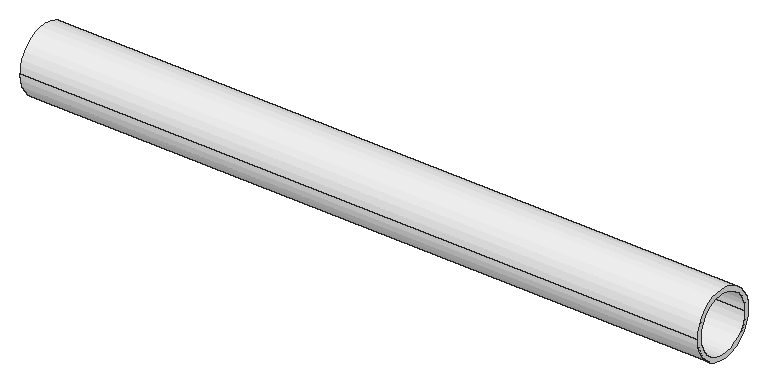
Revit family "CCV - Cortes circulares vazados (MSH)", category Quadro estrutural, Revit 2019
Family settings
  Arredondamento do comprimento do framing estrutural = 1 mm
  Forma do corte = Não definido
  Material para o comportamento do modelo = Aço
  Exportar sempre como geometria = Não
  Sempre na vertical = Sim
  Corte com vazios quando carregada = Não
  Representação simbólica = Das configurações de projeto
  Compartilhado = Não
  Exibir o pré-corte da família na vista da planta = Sim
Parameters (values of type "CHS 114.3x7.1")
  W = 0.0188
  Structural Material [instance] = Metal - Aço - 250 MPa
  R0 = d0 / 2  # 57.15 mm
  Assembly Code = ""
  Length [instance] = 1500 mm
  d0 = 114.3 mm
  t = 7.1 mm
  A = 0.002395 m²
Reference planes
  plane 1 "Centro (Frente/Trás)": y = 0
  plane 2: z = 0
  plane 3 "Centro (Esquerda/Direita)": x = 4.61
  plane 4 "Membro esquerdo": x = -604.99
  plane 5 "Membro direito": x = 614.21
  plane 6: y = 57.15
  plane 7: y = -57.15
  plane 8 "Superior": z = 57.15
  plane 9: z = -57.15
  plane 10 "Esquerda": x = -757.39
  plane 11 "Direita": x = 742.61
Forms (mm)
  Sweep 1, solid, material "Metal - Aço - 250 MPa" <- "Structural Material", detail levels medium+fine
    path origin (0, 0, 0) x (1, 0, 0) y (0, 1, 0)
      loop
        line (-604.99, 0) -> (614.21, 0)
    profile "CHS-Seções do Furação Circular-Perfil : CHS-Seções do Furação Circular-Perfil" origin (4.61, 0, 0) x (0, 1, 0) y (0, 0, 1)
      loop
        circle (0, 0) r 50.05
      loop
        circle (0, 0) r 57.15
Lines and regions (mm)
  symbolic lines, style "Símbolos de vara", detail levels coarse
    curve 1: arc (-757.39, -57.15, 0) -> (-757.39, 0, 57.15) -> (-757.39, 57.15, 0) r 57.15
    curve 2: arc (-757.39, 57.15, 0) -> (-757.39, 0, -57.15) -> (-757.39, -57.15, 0) r 57.15
Dimensions and locks
  "d0": plane 6 to plane 7
  "d0": plane 9 to plane 8 "Superior"
  equal spacing: plane 9, plane 2, plane 8 "Superior"
  equal spacing: plane 6, plane 1 "Centro (Frente/Trás)", plane 7
  "Length": plane 10 "Esquerda" to plane 11 "Direita"
  aligned and locked: plane 1 "Centro (Frente/Trás)" to Sweep 1 sketch curve
  aligned and locked: curve 2 to Sweep 1
  aligned and locked: plane 4 "Membro esquerdo" to Sweep 1 sketch curve
  aligned and locked: plane 5 "Membro direito" to Sweep 1 sketch curve
Types in the file's own list only (291): name | W | R0 | d0 | t | A
  CHS 21.3x2.3 | 0.00108 | 11 mm | 21 mm | 2 mm | 0.00 m²
  CHS 21.3x2.6 | 0.0012 | 11 mm | 21 mm | 3 mm | 0.00 m²
  CHS 21.3x2.9 | 0.00132 | 11 mm | 21 mm | 3 mm | 0.00 m²
  CHS 21.3x3.2 | 0.00143 | 11 mm | 21 mm | 3 mm | 0.00 m²
  CHS 21.3x3.6 | 0.00157 | 11 mm | 21 mm | 4 mm | 0.00 m²
  CHS 21.3x4.0 | 0.00171 | 11 mm | 21 mm | 4 mm | 0.00 m²
  CHS 21.3x4.5 | 0.00186 | 11 mm | 21 mm | 5 mm | 0.00 m²
  CHS 21.3x5.0 | 0.00201 | 11 mm | 21 mm | 5 mm | 0.00 m²
  CHS 33.7x2.9 | 0.0022 | 17 mm | 34 mm | 3 mm | 0.00 m²
  CHS 33.7x3.2 | 0.00241 | 17 mm | 34 mm | 3 mm | 0.00 m²
  CHS 33.7x3.6 | 0.00267 | 17 mm | 34 mm | 4 mm | 0.00 m²
  CHS 33.7x4.0 | 0.00293 | 17 mm | 34 mm | 4 mm | 0.00 m²
  CHS 33.7x4.5 | 0.00324 | 17 mm | 34 mm | 5 mm | 0.00 m²
  CHS 33.7x5.0 | 0.00354 | 17 mm | 34 mm | 5 mm | 0.00 m²
  CHS 33.7x5.6 | 0.00388 | 17 mm | 34 mm | 6 mm | 0.00 m²
  CHS 33.7x6.3 | 0.00426 | 17 mm | 34 mm | 6 mm | 0.00 m²
  CHS 33.7x7.1 | 0.00466 | 17 mm | 34 mm | 7 mm | 0.00 m²
  CHS 33.7x8.0 | 0.00507 | 17 mm | 34 mm | 8 mm | 0.00 m²
  CHS 42.4x2.9 | 0.00282 | 21 mm | 42 mm | 3 mm | 0.00 m²
  CHS 42.4x3.2 | 0.00309 | 21 mm | 42 mm | 3 mm | 0.00 m²
  CHS 42.4x3.6 | 0.00344 | 21 mm | 42 mm | 4 mm | 0.00 m²
  CHS 42.4x4.0 | 0.00379 | 21 mm | 42 mm | 4 mm | 0.00 m²
  CHS 42.4x4.5 | 0.00421 | 21 mm | 42 mm | 5 mm | 0.00 m²
  CHS 42.4x5.0 | 0.00461 | 21 mm | 42 mm | 5 mm | 0.00 m²
  CHS 42.4x5.6 | 0.00508 | 21 mm | 42 mm | 6 mm | 0.00 m²
  CHS 42.4x6.3 | 0.00561 | 21 mm | 42 mm | 6 mm | 0.00 m²
  CHS 42.4x7.1 | 0.00618 | 21 mm | 42 mm | 7 mm | 0.00 m²
  CHS 42.4x8.0 | 0.00679 | 21 mm | 42 mm | 8 mm | 0.00 m²
  CHS 42.4x8.8 | 0.00729 | 21 mm | 42 mm | 9 mm | 0.00 m²
  CHS 42.4x10.0 | 0.00799 | 21 mm | 42 mm | 10 mm | 0.00 m²
  CHS 48.3x2.9 | 0.00325 | 24 mm | 48 mm | 3 mm | 0.00 m²
  CHS 48.3x3.2 | 0.00356 | 24 mm | 48 mm | 3 mm | 0.00 m²
  CHS 48.3x3.6 | 0.00397 | 24 mm | 48 mm | 4 mm | 0.00 m²
  CHS 48.3x4.0 | 0.00437 | 24 mm | 48 mm | 4 mm | 0.00 m²
  CHS 48.3x4.5 | 0.00486 | 24 mm | 48 mm | 5 mm | 0.00 m²
  CHS 48.3x5.0 | 0.00534 | 24 mm | 48 mm | 5 mm | 0.00 m²
  CHS 48.3x5.6 | 0.0059 | 24 mm | 48 mm | 6 mm | 0.00 m²
  CHS 48.3x6.3 | 0.00653 | 24 mm | 48 mm | 6 mm | 0.00 m²
  CHS 48.3x7.1 | 0.00721 | 24 mm | 48 mm | 7 mm | 0.00 m²
  CHS 48.3x8.0 | 0.00795 | 24 mm | 48 mm | 8 mm | 0.00 m²
  CHS 48.3x8.8 | 0.00857 | 24 mm | 48 mm | 9 mm | 0.00 m²
  CHS 48.3x10.0 | 0.00945 | 24 mm | 48 mm | 10 mm | 0.00 m²
  CHS 48.3x12.5 | 0.011 | 24 mm | 48 mm | 13 mm | 0.00 m²
  CHS 60.3x3.2 | 0.00451 | 30 mm | 60 mm | 3 mm | 0.00 m²
  CHS 60.3x3.6 | 0.00503 | 30 mm | 60 mm | 4 mm | 0.00 m²
  CHS 60.3x4.0 | 0.00555 | 30 mm | 60 mm | 4 mm | 0.00 m²
  CHS 60.3x4.5 | 0.00619 | 30 mm | 60 mm | 5 mm | 0.00 m²
  CHS 60.3x5.0 | 0.00682 | 30 mm | 60 mm | 5 mm | 0.00 m²
  CHS 60.3x5.6 | 0.00755 | 30 mm | 60 mm | 6 mm | 0.00 m²
  CHS 60.3x6.3 | 0.00839 | 30 mm | 60 mm | 6 mm | 0.00 m²
  CHS 60.3x7.1 | 0.00932 | 30 mm | 60 mm | 7 mm | 0.00 m²
  CHS 60.3x8.0 | 0.0103 | 30 mm | 60 mm | 8 mm | 0.00 m²
  CHS 60.3x8.8 | 0.0112 | 30 mm | 60 mm | 9 mm | 0.00 m²
  CHS 60.3x10.0 | 0.0124 | 30 mm | 60 mm | 10 mm | 0.00 m²
  CHS 60.3x12.5 | 0.0147 | 30 mm | 60 mm | 13 mm | 0.00 m²
  CHS 60.3x16.0 | 0.0175 | 30 mm | 60 mm | 16 mm | 0.00 m²
  CHS 76.1x3.2 | 0.00575 | 38 mm | 76 mm | 3 mm | 0.00 m²
  CHS 76.1x3.6 | 0.00644 | 38 mm | 76 mm | 4 mm | 0.00 m²
  CHS 76.1x4.0 | 0.00711 | 38 mm | 76 mm | 4 mm | 0.00 m²
  CHS 76.1x4.5 | 0.00795 | 38 mm | 76 mm | 5 mm | 0.00 m²
  CHS 76.1x5.0 | 0.00877 | 38 mm | 76 mm | 5 mm | 0.00 m²
  CHS 76.1x5.6 | 0.00974 | 38 mm | 76 mm | 6 mm | 0.00 m²
  CHS 76.1x6.3 | 0.0108 | 38 mm | 76 mm | 6 mm | 0.00 m²
  CHS 76.1x7.1 | 0.0121 | 38 mm | 76 mm | 7 mm | 0.00 m²
  CHS 76.1x8.0 | 0.0134 | 38 mm | 76 mm | 8 mm | 0.00 m²
  CHS 76.1x8.8 | 0.0146 | 38 mm | 76 mm | 9 mm | 0.00 m²
  CHS 76.1x10.0 | 0.0163 | 38 mm | 76 mm | 10 mm | 0.00 m²
  CHS 76.1x12.5 | 0.0196 | 38 mm | 76 mm | 13 mm | 0.00 m²
  CHS 76.1x16.0 | 0.0237 | 38 mm | 76 mm | 16 mm | 0.00 m²
  CHS 76.1x20.0 | 0.0277 | 38 mm | 76 mm | 20 mm | 0.00 m²
  CHS 88.9x3.6 | 0.00751 | 44 mm | 89 mm | 4 mm | 0.00 m²
  CHS 88.9x4.0 | 0.00838 | 44 mm | 89 mm | 4 mm | 0.00 m²
  CHS 88.9x4.5 | 0.00937 | 44 mm | 89 mm | 5 mm | 0.00 m²
  CHS 88.9x5.0 | 0.0103 | 44 mm | 89 mm | 5 mm | 0.00 m²
  CHS 88.9x5.6 | 0.0115 | 44 mm | 89 mm | 6 mm | 0.00 m²
  CHS 88.9x6.3 | 0.0128 | 44 mm | 89 mm | 6 mm | 0.00 m²
  CHS 88.9x7.1 | 0.0143 | 44 mm | 89 mm | 7 mm | 0.00 m²
  CHS 88.9x8.0 | 0.016 | 44 mm | 89 mm | 8 mm | 0.00 m²
  CHS 88.9x8.8 | 0.0174 | 44 mm | 89 mm | 9 mm | 0.00 m²
  CHS 88.9x10.0 | 0.0195 | 44 mm | 89 mm | 10 mm | 0.00 m²
  CHS 88.9x12.5 | 0.0236 | 44 mm | 89 mm | 13 mm | 0.00 m²
  CHS 88.9x16.0 | 0.0288 | 44 mm | 89 mm | 16 mm | 0.00 m²
  CHS 88.9x20.0 | 0.034 | 44 mm | 89 mm | 20 mm | 0.00 m²
  CHS 101.6x4.0 | 0.00963 | 51 mm | 102 mm | 4 mm | 0.00 m²
  CHS 101.6x4.5 | 0.0108 | 51 mm | 102 mm | 5 mm | 0.00 m²
  CHS 101.6x5.0 | 0.0119 | 51 mm | 102 mm | 5 mm | 0.00 m²
  CHS 101.6x5.6 | 0.0133 | 51 mm | 102 mm | 6 mm | 0.00 m²
  CHS 101.6x6.3 | 0.0148 | 51 mm | 102 mm | 6 mm | 0.00 m²
  CHS 101.6x7.1 | 0.0165 | 51 mm | 102 mm | 7 mm | 0.00 m²
  CHS 101.6x8.0 | 0.0185 | 51 mm | 102 mm | 8 mm | 0.00 m²
  CHS 101.6x8.8 | 0.0201 | 51 mm | 102 mm | 9 mm | 0.00 m²
  CHS 101.6x10.0 | 0.0226 | 51 mm | 102 mm | 10 mm | 0.00 m²
  CHS 101.6x12.5 | 0.0275 | 51 mm | 102 mm | 13 mm | 0.00 m²
  CHS 101.6x16.0 | 0.0338 | 51 mm | 102 mm | 16 mm | 0.00 m²
  CHS 101.6x20.0 | 0.0402 | 51 mm | 102 mm | 20 mm | 0.01 m²
  CHS 101.6x30.0 | 0.053 | 51 mm | 102 mm | 30 mm | 0.01 m²
  CHS 114.3x4.0 | 0.0109 | 57 mm | 114 mm | 4 mm | 0.00 m²
  CHS 114.3x4.5 | 0.0122 | 57 mm | 114 mm | 5 mm | 0.00 m²
  CHS 114.3x5.0 | 0.0135 | 57 mm | 114 mm | 5 mm | 0.00 m²
  CHS 114.3x5.6 | 0.015 | 57 mm | 114 mm | 6 mm | 0.00 m²
  CHS 114.3x6.3 | 0.0168 | 57 mm | 114 mm | 6 mm | 0.00 m²
  CHS 114.3x8.0 | 0.021 | 57 mm | 114 mm | 8 mm | 0.00 m²
  CHS 114.3x8.8 | 0.0229 | 57 mm | 114 mm | 9 mm | 0.00 m²
  CHS 114.3x10.0 | 0.0257 | 57 mm | 114 mm | 10 mm | 0.00 m²
  CHS 114.3x12.5 | 0.0314 | 57 mm | 114 mm | 13 mm | 0.00 m²
  CHS 114.3x16.0 | 0.0388 | 57 mm | 114 mm | 16 mm | 0.00 m²
  CHS 114.3x20.0 | 0.0465 | 57 mm | 114 mm | 20 mm | 0.01 m²
  CHS 114.3x30.0 | 0.0624 | 57 mm | 114 mm | 30 mm | 0.01 m²
  CHS 139.7x4.5 | 0.015 | 70 mm | 140 mm | 5 mm | 0.00 m²
  CHS 139.7x5.0 | 0.0166 | 70 mm | 140 mm | 5 mm | 0.00 m²
  CHS 139.7x5.6 | 0.0185 | 70 mm | 140 mm | 6 mm | 0.00 m²
  CHS 139.7x6.3 | 0.0207 | 70 mm | 140 mm | 6 mm | 0.00 m²
  CHS 139.7x7.1 | 0.0232 | 70 mm | 140 mm | 7 mm | 0.00 m²
  CHS 139.7x8.0 | 0.026 | 70 mm | 140 mm | 8 mm | 0.00 m²
  CHS 139.7x8.8 | 0.0284 | 70 mm | 140 mm | 9 mm | 0.00 m²
  CHS 139.7x10.0 | 0.032 | 70 mm | 140 mm | 10 mm | 0.00 m²
  CHS 139.7x12.5 | 0.0392 | 70 mm | 140 mm | 13 mm | 0.00 m²
  CHS 139.7x16.0 | 0.0488 | 70 mm | 140 mm | 16 mm | 0.01 m²
  CHS 139.7x20.0 | 0.059 | 70 mm | 140 mm | 20 mm | 0.01 m²
  CHS 139.7x30.0 | 0.0812 | 70 mm | 140 mm | 30 mm | 0.01 m²
  CHS 139.7x40.0 | 0.0984 | 70 mm | 140 mm | 40 mm | 0.01 m²
  CHS 168.3x5.0 | 0.0201 | 84 mm | 168 mm | 5 mm | 0.00 m²
  CHS 168.3x5.6 | 0.0225 | 84 mm | 168 mm | 6 mm | 0.00 m²
  CHS 168.3x6.3 | 0.0252 | 84 mm | 168 mm | 6 mm | 0.00 m²
  CHS 168.3x7.1 | 0.0282 | 84 mm | 168 mm | 7 mm | 0.00 m²
  CHS 168.3x8.0 | 0.0316 | 84 mm | 168 mm | 8 mm | 0.00 m²
  CHS 168.3x8.8 | 0.0346 | 84 mm | 168 mm | 9 mm | 0.00 m²
  CHS 168.3x10.0 | 0.039 | 84 mm | 168 mm | 10 mm | 0.00 m²
  CHS 168.3x12.5 | 0.048 | 84 mm | 168 mm | 13 mm | 0.01 m²
  CHS 168.3x16.0 | 0.0601 | 84 mm | 168 mm | 16 mm | 0.01 m²
  CHS 168.3x20.0 | 0.0731 | 84 mm | 168 mm | 20 mm | 0.01 m²
  CHS 168.3x30.0 | 0.102 | 84 mm | 168 mm | 30 mm | 0.01 m²
  CHS 168.3x40.0 | 0.127 | 84 mm | 168 mm | 40 mm | 0.02 m²
  CHS 168.3x60.0 | 0.16 | 84 mm | 168 mm | 60 mm | 0.02 m²
  CHS 177.8x5.6 | 0.0238 | 89 mm | 178 mm | 6 mm | 0.00 m²
  CHS 177.8x6.3 | 0.0266 | 89 mm | 178 mm | 6 mm | 0.00 m²
  CHS 177.8x7.1 | 0.0299 | 89 mm | 178 mm | 7 mm | 0.00 m²
  CHS 177.8x8.0 | 0.0335 | 89 mm | 178 mm | 8 mm | 0.00 m²
  CHS 177.8x8.8 | 0.0367 | 89 mm | 178 mm | 9 mm | 0.00 m²
  CHS 177.8x10.0 | 0.0414 | 89 mm | 178 mm | 10 mm | 0.01 m²
  CHS 177.8x12.5 | 0.051 | 89 mm | 178 mm | 13 mm | 0.01 m²
  CHS 177.8x16.0 | 0.0638 | 89 mm | 178 mm | 16 mm | 0.01 m²
  CHS 177.8x20.0 | 0.0778 | 89 mm | 178 mm | 20 mm | 0.01 m²
  CHS 177.8x30.0 | 0.109 | 89 mm | 178 mm | 30 mm | 0.01 m²
  CHS 177.8x40.0 | 0.136 | 89 mm | 178 mm | 40 mm | 0.02 m²
  CHS 177.8x60.0 | 0.174 | 89 mm | 178 mm | 60 mm | 0.02 m²
  CHS 193.7x6.3 | 0.0291 | 97 mm | 194 mm | 6 mm | 0.00 m²
  CHS 193.7x7.1 | 0.0327 | 97 mm | 194 mm | 7 mm | 0.00 m²
  CHS 193.7x8.0 | 0.0366 | 97 mm | 194 mm | 8 mm | 0.00 m²
  CHS 193.7x8.8 | 0.0401 | 97 mm | 194 mm | 9 mm | 0.01 m²
  CHS 193.7x10.0 | 0.0453 | 97 mm | 194 mm | 10 mm | 0.01 m²
  CHS 193.7x12.5 | 0.0559 | 97 mm | 194 mm | 13 mm | 0.01 m²
  CHS 193.7x16.0 | 0.0701 | 97 mm | 194 mm | 16 mm | 0.01 m²
  CHS 193.7x20.0 | 0.0857 | 97 mm | 194 mm | 20 mm | 0.01 m²
  CHS 193.7x30.0 | 0.121 | 97 mm | 194 mm | 30 mm | 0.02 m²
  CHS 193.7x40.0 | 0.152 | 97 mm | 194 mm | 40 mm | 0.02 m²
  CHS 193.7x60.0 | 0.198 | 97 mm | 194 mm | 60 mm | 0.03 m²
  CHS 219.1x7.1 | 0.0371 | 110 mm | 219 mm | 7 mm | 0.00 m²
  CHS 219.1x8.0 | 0.0416 | 110 mm | 219 mm | 8 mm | 0.01 m²
  CHS 219.1x8.8 | 0.0456 | 110 mm | 219 mm | 9 mm | 0.01 m²
  CHS 219.1x10.0 | 0.0516 | 110 mm | 219 mm | 10 mm | 0.01 m²
  CHS 219.1x12.5 | 0.0637 | 110 mm | 219 mm | 13 mm | 0.01 m²
  CHS 219.1x16.0 | 0.0801 | 110 mm | 219 mm | 16 mm | 0.01 m²
  CHS 219.1x20.0 | 0.0982 | 110 mm | 219 mm | 20 mm | 0.01 m²
  CHS 219.1x30.0 | 0.14 | 110 mm | 219 mm | 30 mm | 0.02 m²
  CHS 219.1x40.0 | 0.177 | 110 mm | 219 mm | 40 mm | 0.02 m²
  CHS 219.1x60.0 | 0.235 | 110 mm | 219 mm | 60 mm | 0.03 m²
  CHS 244.5x6.3 | 0.037 | 122 mm | 245 mm | 6 mm | 0.00 m²
  CHS 244.5x7.1 | 0.0416 | 122 mm | 245 mm | 7 mm | 0.01 m²
  CHS 244.5x8.0 | 0.0467 | 122 mm | 245 mm | 8 mm | 0.01 m²
  CHS 244.5x8.8 | 0.0512 | 122 mm | 245 mm | 9 mm | 0.01 m²
  CHS 244.5x10.0 | 0.0578 | 122 mm | 245 mm | 10 mm | 0.01 m²
  CHS 244.5x12.5 | 0.0715 | 122 mm | 245 mm | 13 mm | 0.01 m²
  CHS 244.5x16.0 | 0.0902 | 122 mm | 245 mm | 16 mm | 0.01 m²
  CHS 244.5x20.0 | 0.111 | 122 mm | 245 mm | 20 mm | 0.01 m²
  CHS 244.5x30.0 | 0.159 | 122 mm | 245 mm | 30 mm | 0.02 m²
  CHS 244.5x40.0 | 0.202 | 122 mm | 245 mm | 40 mm | 0.03 m²
  CHS 244.5x60.0 | 0.273 | 122 mm | 245 mm | 60 mm | 0.03 m²
  CHS 273x6.3 | 0.0414 | 137 mm | 273 mm | 6 mm | 0.01 m²
  CHS 273x7.1 | 0.0466 | 137 mm | 273 mm | 7 mm | 0.01 m²
  CHS 273x8.0 | 0.0523 | 137 mm | 273 mm | 8 mm | 0.01 m²
  CHS 273x8.8 | 0.0573 | 137 mm | 273 mm | 9 mm | 0.01 m²
  CHS 273x10.0 | 0.0649 | 137 mm | 273 mm | 10 mm | 0.01 m²
  CHS 273x12.5 | 0.0803 | 137 mm | 273 mm | 13 mm | 0.01 m²
  CHS 273x16.0 | 0.101 | 137 mm | 273 mm | 16 mm | 0.01 m²
  CHS 273x20.0 | 0.125 | 137 mm | 273 mm | 20 mm | 0.02 m²
  CHS 273x30.0 | 0.18 | 137 mm | 273 mm | 30 mm | 0.02 m²
  CHS 273x40.0 | 0.23 | 137 mm | 273 mm | 40 mm | 0.03 m²
  CHS 273x60.0 | 0.315 | 137 mm | 273 mm | 60 mm | 0.04 m²
  CHS 273x80.0 | 0.381 | 137 mm | 273 mm | 80 mm | 0.05 m²
  CHS 273x100.0 | 0.427 | 137 mm | 273 mm | 100 mm | 0.05 m²
  CHS 323.9x4.5 | 0.0354 | 162 mm | 324 mm | 5 mm | 0.00 m²
  CHS 323.9x5.0 | 0.0399 | 162 mm | 324 mm | 5 mm | 0.01 m²
  CHS 323.9x5.6 | 0.044 | 162 mm | 324 mm | 6 mm | 0.01 m²
  CHS 323.9x6.3 | 0.0493 | 162 mm | 324 mm | 6 mm | 0.01 m²
  CHS 323.9x7.1 | 0.0555 | 162 mm | 324 mm | 7 mm | 0.01 m²
  CHS 323.9x8.0 | 0.0623 | 162 mm | 324 mm | 8 mm | 0.01 m²
  CHS 323.9x8.8 | 0.0684 | 162 mm | 324 mm | 9 mm | 0.01 m²
  CHS 323.9x10.0 | 0.0774 | 162 mm | 324 mm | 10 mm | 0.01 m²
  CHS 323.9x12.5 | 0.096 | 162 mm | 324 mm | 13 mm | 0.01 m²
  CHS 323.9x16.0 | 0.121 | 162 mm | 324 mm | 16 mm | 0.02 m²
  CHS 323.9x20.0 | 0.15 | 162 mm | 324 mm | 20 mm | 0.02 m²
  CHS 323.9x30.0 | 0.217 | 162 mm | 324 mm | 30 mm | 0.03 m²
  CHS 323.9x40.0 | 0.28 | 162 mm | 324 mm | 40 mm | 0.04 m²
  CHS 323.9x60.0 | 0.39 | 162 mm | 324 mm | 60 mm | 0.05 m²
  CHS 323.9x80.0 | 0.481 | 162 mm | 324 mm | 80 mm | 0.06 m²
  CHS 323.9x100.0 | 0.552 | 162 mm | 324 mm | 100 mm | 0.07 m²
  CHS 355.6x4.5 | 0.039 | 178 mm | 356 mm | 5 mm | 0.00 m²
  CHS 355.6x5.0 | 0.0432 | 178 mm | 356 mm | 5 mm | 0.01 m²
  CHS 355.6x5.6 | 0.0483 | 178 mm | 356 mm | 6 mm | 0.01 m²
  CHS 355.6x6.3 | 0.0543 | 178 mm | 356 mm | 6 mm | 0.01 m²
  CHS 355.6x7.1 | 0.061 | 178 mm | 356 mm | 7 mm | 0.01 m²
  CHS 355.6x8.0 | 0.0386 | 178 mm | 356 mm | 8 mm | 0.00 m²
  CHS 355.6x8.8 | 0.0753 | 178 mm | 356 mm | 9 mm | 0.01 m²
  CHS 355.6x10.0 | 0.0852 | 178 mm | 356 mm | 10 mm | 0.01 m²
  CHS 355.6x12.5 | 0.106 | 178 mm | 356 mm | 13 mm | 0.01 m²
  CHS 355.6x16.0 | 0.134 | 178 mm | 356 mm | 16 mm | 0.02 m²
  CHS 355.6x20.0 | 0.166 | 178 mm | 356 mm | 20 mm | 0.02 m²
  CHS 355.6x30.0 | 0.241 | 178 mm | 356 mm | 30 mm | 0.03 m²
  CHS 355.6x40.0 | 0.311 | 178 mm | 356 mm | 40 mm | 0.04 m²
  CHS 355.6x60.0 | 0.437 | 178 mm | 356 mm | 60 mm | 0.06 m²
  CHS 355.6x80.0 | 0.544 | 178 mm | 356 mm | 80 mm | 0.07 m²
  CHS 355.6x100.0 | 0.63 | 178 mm | 356 mm | 100 mm | 0.08 m²
  CHS 406.4x5.0 | 0.0495 | 203 mm | 406 mm | 5 mm | 0.01 m²
  CHS 406.4x5.6 | 0.0554 | 203 mm | 406 mm | 6 mm | 0.01 m²
  CHS 406.4x6.3 | 0.0622 | 203 mm | 406 mm | 6 mm | 0.01 m²
  CHS 406.4x7.1 | 0.0699 | 203 mm | 406 mm | 7 mm | 0.01 m²
  CHS 406.4x8.0 | 0.0786 | 203 mm | 406 mm | 8 mm | 0.01 m²
  CHS 406.4x8.8 | 0.0863 | 203 mm | 406 mm | 9 mm | 0.01 m²
  CHS 406.4x10.0 | 0.0978 | 203 mm | 406 mm | 10 mm | 0.01 m²
  CHS 406.4x12.5 | 0.121 | 203 mm | 406 mm | 13 mm | 0.02 m²
  CHS 406.4x16.0 | 0.154 | 203 mm | 406 mm | 16 mm | 0.02 m²
  CHS 406.4x20.0 | 0.191 | 203 mm | 406 mm | 20 mm | 0.02 m²
  CHS 406.4x30.0 | 0.278 | 203 mm | 406 mm | 30 mm | 0.04 m²
  CHS 406.4x40.0 | 0.361 | 203 mm | 406 mm | 40 mm | 0.05 m²
  CHS 406.4x60.0 | 0.513 | 203 mm | 406 mm | 60 mm | 0.07 m²
  CHS 406.4x80.0 | 0.644 | 203 mm | 406 mm | 80 mm | 0.08 m²
  CHS 406.4x100.0 | 0.756 | 203 mm | 406 mm | 100 mm | 0.10 m²
  CHS 457x5.0 | 0.0557 | 229 mm | 457 mm | 5 mm | 0.01 m²
  CHS 457x5.6 | 0.0623 | 229 mm | 457 mm | 6 mm | 0.01 m²
  CHS 457x6.3 | 0.07 | 229 mm | 457 mm | 6 mm | 0.01 m²
  CHS 457x7.1 | 0.0788 | 229 mm | 457 mm | 7 mm | 0.01 m²
  CHS 457x8.0 | 0.0886 | 229 mm | 457 mm | 8 mm | 0.01 m²
  CHS 457x8.8 | 0.0973 | 229 mm | 457 mm | 9 mm | 0.01 m²
  CHS 457x10.0 | 0.11 | 229 mm | 457 mm | 10 mm | 0.01 m²
  CHS 457x12.5 | 0.137 | 229 mm | 457 mm | 13 mm | 0.02 m²
  CHS 457x16.0 | 0.174 | 229 mm | 457 mm | 16 mm | 0.02 m²
  CHS 457x20.0 | 0.216 | 229 mm | 457 mm | 20 mm | 0.03 m²
  CHS 457x30.0 | 0.316 | 229 mm | 457 mm | 30 mm | 0.04 m²
  CHS 457x40.0 | 0.411 | 229 mm | 457 mm | 40 mm | 0.05 m²
  CHS 457x60.0 | 0.587 | 229 mm | 457 mm | 60 mm | 0.07 m²
  CHS 457x80.0 | 0.744 | 229 mm | 457 mm | 80 mm | 0.09 m²
  CHS 457x100.0 | 0.88 | 229 mm | 457 mm | 100 mm | 0.11 m²
  CHS 508x6.3 | 0.0779 | 254 mm | 508 mm | 6 mm | 0.01 m²
  CHS 508x7.1 | 0.0877 | 254 mm | 508 mm | 7 mm | 0.01 m²
  CHS 508x8.0 | 0.0986 | 254 mm | 508 mm | 8 mm | 0.01 m²
  CHS 508x8.8 | 0.108 | 254 mm | 508 mm | 9 mm | 0.01 m²
  CHS 508x10.0 | 0.123 | 254 mm | 508 mm | 10 mm | 0.02 m²
  CHS 508x12.5 | 0.153 | 254 mm | 508 mm | 13 mm | 0.02 m²
  CHS 508x16.0 | 0.194 | 254 mm | 508 mm | 16 mm | 0.02 m²
  CHS 508x20.0 | 0.241 | 254 mm | 508 mm | 20 mm | 0.03 m²
  CHS 508x30.0 | 0.354 | 254 mm | 508 mm | 30 mm | 0.05 m²
  CHS 508x40.0 | 0.462 | 254 mm | 508 mm | 40 mm | 0.06 m²
  CHS 508x60.0 | 0.663 | 254 mm | 508 mm | 60 mm | 0.08 m²
  CHS 508x80.0 | 0.844 | 254 mm | 508 mm | 80 mm | 0.11 m²
  CHS 508x100.0 | 1.01 | 254 mm | 508 mm | 100 mm | 0.13 m²
  CHS 559x16.0 | 0.214 | 280 mm | 559 mm | 16 mm | 0.03 m²
  CHS 559x20.0 | 0.266 | 280 mm | 559 mm | 20 mm | 0.03 m²
  CHS 559x30.0 | 0.391 | 280 mm | 559 mm | 30 mm | 0.05 m²
  CHS 559x40.0 | 0.512 | 280 mm | 559 mm | 40 mm | 0.07 m²
  CHS 559x60.0 | 0.738 | 280 mm | 559 mm | 60 mm | 0.09 m²
  CHS 559x80.0 | 0.945 | 280 mm | 559 mm | 80 mm | 0.12 m²
  CHS 559x100.0 | 1.13 | 280 mm | 559 mm | 100 mm | 0.14 m²
  CHS 610x16.0 | 0.234 | 305 mm | 610 mm | 16 mm | 0.03 m²
  CHS 610x20.0 | 0.291 | 305 mm | 610 mm | 20 mm | 0.04 m²
  CHS 610x30.0 | 0.429 | 305 mm | 610 mm | 30 mm | 0.05 m²
  CHS 610x40.0 | 0.562 | 305 mm | 610 mm | 40 mm | 0.07 m²
  CHS 610x60.0 | 0.814 | 305 mm | 610 mm | 60 mm | 0.10 m²
  CHS 610x80.0 | 1.05 | 305 mm | 610 mm | 80 mm | 0.13 m²
  CHS 610x100.0 | 1.26 | 305 mm | 610 mm | 100 mm | 0.16 m²
  CHS 660x20.0 | 0.316 | 305 mm | 610 mm | 20 mm | 0.04 m²
  CHS 660x30.0 | 0.466 | 305 mm | 610 mm | 30 mm | 0.06 m²
  CHS 660x40.0 | 0.612 | 305 mm | 610 mm | 40 mm | 0.08 m²
  CHS 660x60.0 | 0.888 | 305 mm | 610 mm | 60 mm | 0.11 m²
  CHS 660x80.0 | 1.14 | 305 mm | 610 mm | 80 mm | 0.15 m²
  CHS 660x100.0 | 1.38 | 305 mm | 610 mm | 100 mm | 0.18 m²
  CHS 711x30.0 | 0.504 | 356 mm | 711 mm | 30 mm | 0.06 m²
  CHS 711x40.0 | 0.662 | 356 mm | 711 mm | 40 mm | 0.08 m²
  CHS 711x60.0 | 0.963 | 356 mm | 711 mm | 60 mm | 0.12 m²
  CHS 711x80.0 | 1.24 | 356 mm | 711 mm | 80 mm | 0.16 m²
  CHS 711x100.0 | 1.51 | 356 mm | 711 mm | 100 mm | 0.19 m²
